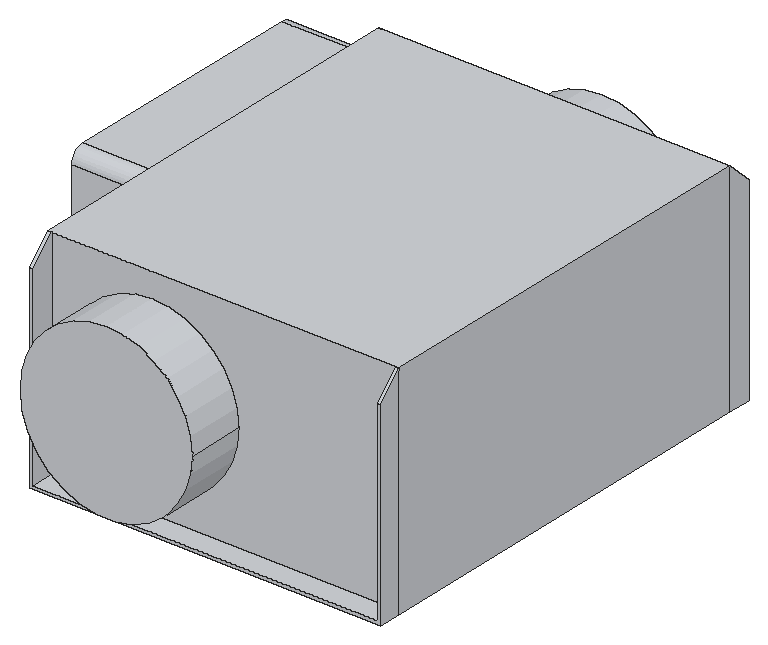
Revit family "CADS_Vent-Axia_MechEquip_Fan_SENT_DBoxSingle - SUPPLY", category Mechanical Equipment, host Face, Revit 2020
Family settings
  Host = Face
  Round Connector Dimension = Use Diameter
  Classification = None
  Part Type = Normal
  OmniClass Number = 23.75.35.17.11
  OmniClass Title = Fans for Air Ductwork
  Cut with Voids When Loaded = No
  Shared = No
  Room Calculation Point = No
Parameters (values of type "SENT150S/CP")
  WorkingPressure = 0.0 Pa
  WarrantyStartDate [instance] = "1900-12-31T23:59:59"
  WarrantyPeriod = ""
  WarrantyIdentifier = "N/A"
  WarrantyGuarantorParts = "tech@vent-axia.com"
  WarrantyGuarantorLabor = "tech@vent-axia.com"
  WarrantyGuarantor = "Vent-Axia Limited"
  WarrantyEndDate [instance] = "1900-12-31T23:59:59"
  WarrantyContent = ""
  W = 0 mm
  Type Image = <None>
  TemperatureRange = ""
  TagNumber [instance] = "N/A"
  SustainabilityPerformance = ""
  Status = "New"
  SpigotCLHeight = 62 mm
  Size = ""
  Shape = ""
  ServiceLifeType = ""
  ServiceLifeDuration = ""
  SerialNumber [instance] = "N/A"
  ReplacementCost = ""
  RatedVoltage = 0 V
  RatedCurrent = 0 A
  Quantity = 1
  ProductionYear = ""
  PressureCurve = ""
  PowerFactor = ""
  PointOfContact = ""
  OutOffset = 62 mm
  NumberOfPoles = 0
  NominalWidth = 306 mm
  NominalLength = 380 mm
  NominalHeight = 192 mm
  NominalFrequencyRange = ""
  NominalDiameter = 150 mm
  ModelReference = "SENTINEL 150 CONST.PRESS"
  ModelNumber = "SENT150S/CP"
  Material = ""
  ManufacturerE-Mail = "tech@vent-axia.com"
  ManufacturerAddress = "Fleming Way\nCrawley \nRH10 9YX"
  L = NominalLength - 20 mm  # 360 mm
  IsExtendedWarranty = no
  InsulationStandardClass = ""
  InstallationDate [instance] = "1900-12-31T23:59:59"
  IfcExportType [instance] = ""
  IfcExportAs [instance] = "IfcFanType"
  IP_Code = ""
  HasProtectiveEarth = no
  H = 0 mm
  GrossWeight = 0.00 kg
  Grade = ""
  GlobalTradeItemNumber [instance] = "N/A"
  Fitting Type = "Ignore"
  Finish = ""
  Features = ""
  ExteriorInsulation = no
  ExpectedServiceLife = 0
  Exclusions = ""
  EBVoffset = 80.486 mm
  EBHoffset = 205.5 mm
  DurationUnit = "Year"
  Default Elevation = 1219.2 mm
  Constituents = ""
  ConductorFunction = ""
  Color = ""
  CodePerformance = ""
  Category = ""
  CADS_Usage = 0
  CADS_Index = 0
  AssetType = "FIXED"
  AssetIdentifier [instance] = "N/A"
  AssemblyPlace = "UNKNOWN"
  ArticleNumber [instance] = "N/A"
  AirflowRateRange = 0.0 L/s
  Air Flow [instance] = 0.0 L/s
  AccessibilityPerformance = ""
Types (11, lengths in mm): name | Type Image | SpigotCLHeight | OutOffset | NominalWidth | NominalLength | NominalHeight | NominalDiameter | ModelReference | ModelNumber | L | EBVoffset | EBHoffset
  SENT100S | <None> | 62 | 62 | 306 | 380 | 192 | 100 | "SENTINEL 100S/H" | "SENT100S" | 360 | 70 | 75
  SENT125S | <None> | 62 | 62 | 306 | 380 | 192 | 125 | "SENTINEL 125 HIERARCHY" | "SENT125S" | 360 | 80.486 | 205.5
  SENT150S | <None> | 62 | 62 | 306 | 380 | 192 | 150 | "SENTINEL 150 HIERARCHY" | "SENT150S" | 360 | 80.486 | 205.5
  SENT150S/CP | <None> | 62 | 62 | 306 | 380 | 192 | 150 | "SENTINEL 150 CONST.PRESS" | "SENT150S/CP" | 360 | 80.486 | 205.5
  SENT200S | <None> | 60 | 60 | 360 | 435 | 287 | 200 | "SENTINEL 200 HIERARCHY" | "SENT200S" | 415 | 80.486 | 205.5
  SENT250S | <None> | 35 | 35 | 360 | 435 | 287 | 250 | "SENTINEL 250 HIERARCHY" | "SENT250S" | 415 | 80.486 | 205.5
  SENT315S | <None> | 43 | 43 | 568 | 710 | 458 | 315 | "SENTINEL 315 HIERARCHY" | "SENT315S" | 690 | 80.486 | 205.5
  SENT315S/CP | <None> | 43 | 43 | 568 | 710 | 458 | 315 | "SENTINEL 315 CONST.PRESS" | "SENT315S/CP" | 690 | 80.486 | 205.5
  SENT400S | <None> | 43 | 43 | 568 | 710 | 458 | 400 | "SENTINEL 400 HIERARCHY" | "SENT400S" | 690 | 80.486 | 205.5
  SENT400S/CP | <None> | 43 | 43 | 568 | 710 | 458 | 400 | "SENTINEL 400 CONST.PRESS" | "SENT400S/CP" | 690 | 80.486 | 205.5
  SENT500S | CADS_Vent-Axia_MechEquip_Fan_SENT_DBoxSingle.jpg | 59 | 59 | 765 | 898 | 577 | 500 | "SENTINEL 500 HIERARCHY" | "SENT500S" | 878 | 80.486 | 205.5
Reference planes
  plane 1 "Center (Front/Back)": y = 0
  plane 2: z = 0
  plane 3 "Center (Left/Right)": x = 0
  plane 4 "Left Face": x = -153
  plane 5 "out face": y = -180
  plane 6 "right face": x = 153
  plane 7 "in face": y = 180
  plane 8: x = -62
  plane 9: z = 96
  plane 10 "top face": z = 192
  plane 11: y = -200
  plane 12: y = 200
  plane 13: x = 173
  plane 14: z = 158
Forms (mm)
  Extrusion 1, solid
    sketch origin (0, 0, 0) x (1, 0, 0) y (0, 1, 0)
      loop
        line (-153, 180) -> (-153, -180) -> (153, -180) -> (153, 180) -> (-153, 180)
    from 0 to 192 <- "NominalHeight"
  Extrusion 2, solid
    sketch origin (0, -180, 0) x (1, 0, 0) y (0, 0, 1)
      loop
        circle (-62, 96) r 75
    from 0 to 50
  Extrusion 3, solid
    sketch origin (0, 180, 0) x (1, 0, 0) y (0, 0, -1)
      loop
        circle (0, -96) r 75
    from 0 to 51.496
  Sweep 4, solid
    path origin (0, -180, 0) x (1, 0, 0) y (0, 0, 1)
      loop
        line (-153, 192) -> (-153, 0) -> (153, 0) -> (153, 192)
    profile origin (-153, -180, 96) x (0, -1, 0) y (1, 0, 0)
      loop
        line (0, 0) -> (20, 0) -> (20, 3) -> (0, 3) -> (0, 0)
  Sweep 5, solid
    path origin (0, 180, 0) x (1, 0, 0) y (0, 0, 1)
      loop
        line (153, 192) -> (153, 0) -> (-153, 0) -> (-153, 192)
    profile origin (153, 180, 96) x (0, 1, 0) y (-1, 0, 0)
      loop
        line (20, 3) -> (0, 3) -> (0, 0) -> (20, 0) -> (20, 3)
  Sweep 6, void
    path origin (0, 0, 192) x (1, 0, 0) y (0, 1, 0)
      loop
        line (-153, -200) -> (173, -200) -> (173, 200) -> (-153, 200)
    profile origin (10, -200, 192) x (0, 1, 0) y (0, 0, 1)
      loop
        line (20, 0) -> (0, 0) -> (0, -20) -> (20, 0)
Cuts and joins
  Sweep 6 cuts Sweep 4
  Sweep 6 cuts Sweep 5
  joined: Sweep 4, Sweep 5
  Sweep 6 cuts Extrusion 1
Lines and regions (mm)
  model lines
    curve 1: line (0, 0, 192) -> (0, 100, 192)
    curve 2: line (0, 0, 192) -> (-9.059, 33.807, 192)
    curve 3: line (0, 0, 192) -> (9.059, 33.807, 192)
  model lines, not visible
    curve 4: line (0, 0, 192) -> (0, 100, 192)
    curve 5: line (0, 0, 192) -> (-9.059, 33.807, 192)
    curve 6: line (0, 0, 192) -> (9.059, 33.807, 192)
Dimensions and locks
  "NominalWidth": plane 4 "Left Face" to plane 6 "right face"
  equal spacing: plane 4 "Left Face", plane 3 "Center (Left/Right)", plane 6 "right face"
  "L": plane 5 "out face" to plane 7 "in face"
  equal spacing: plane 5 "out face", plane 1 "Center (Front/Back)", plane 7 "in face"
  "OutOffset": plane 8 to plane 3 "Center (Left/Right)"
  plane 8 to Extrusion 2 sketch curve = 0 mm
  Extrusion 2 sketch curve to plane 9 = 0 mm
  "EBHoffset": nested 1 to plane 1 "Center (Front/Back)"
  "EBVoffset": nested 1 to level
  "NominalHeight": level to plane 10 "top face"
  plane 5 "out face" to plane 11 = 20 mm
  plane 7 "in face" to plane 12 = 20 mm
  plane 6 "right face" to plane 13 = 20 mm
  equal spacing: plane 10 "top face", plane 9, plane 2
  "SpigotCLHeight": plane 9 to plane 14
  locked: plane 9 to Extrusion 3 sketch curve
  "NominalDiameter": diameter of Extrusion 2 sketch curve
  "NominalDiameter": diameter of Extrusion 3 sketch curve
  aligned and locked: plane 2 to host face
  aligned and locked: level to host face
  aligned and locked: Sweep 4 sketch curve to plane 6 "right face"
  aligned and locked: Sweep 4 sketch curve to plane 4 "Left Face"
  aligned and locked: Sweep 6 sketch curve to plane 12
  aligned and locked: plane 13 to Sweep 6 sketch curve
  aligned and locked: profile plane to Sweep 4 sketch curve
  aligned and locked: plane 11 to Sweep 4 sketch curve
  aligned and locked: plane 7 "in face" to nested 3
  aligned and locked: nested 3 to plane 9
  aligned and locked: plane 3 "Center (Left/Right)" to curve 1
  aligned and locked: plane 1 "Center (Front/Back)" to curve 3
Automatic sketch dimensions
  host sketch curve to host sketch curve = 2438.4 mm  (x2)
  Extrusion 1 sketch curve to plane 4 "Left Face" = 0 mm
  Extrusion 1 sketch curve to plane 5 "out face" = 0 mm
  Extrusion 1 sketch curve to plane 6 "right face" = 0 mm
  plane 7 "in face" to Extrusion 1 sketch curve = 0 mm
  profile plane to Sweep 4 sketch curve = 0 mm
  Sweep 4 sketch curve to profile plane = 3 mm
  Sweep 5 sketch curve to profile plane = 3 mm
  plane 7 "in face" to Sweep 5 sketch curve = 20 mm
  profile plane to Sweep 5 sketch curve = 0 mm
  Sweep 5 sketch curve to Sweep 5 sketch curve = 20 mm
  Sweep 6 sketch curve to plane 4 "Left Face" = 0 mm  (x2)
  Sweep 6 sketch curve to plane 11 = 0 mm
  Sweep 6 sketch curve to plane 10 "top face" = 0 mm
  Sweep 6 sketch curve to profile plane = 0 mm
  Sweep 6 sketch curve to Sweep 6 sketch curve = 20 mm  (x2)
  Sweep 4 sketch curve to level = 0 mm
  Sweep 4 sketch curve to plane 10 "top face" = 0 mm  (x2)
  Sweep 5 sketch curve to level = 0 mm
  Sweep 5 sketch curve to plane 4 "Left Face" = 0 mm
  plane 6 "right face" to Sweep 5 sketch curve = 0 mm
  Sweep 5 sketch curve to plane 10 "top face" = 0 mm  (x2)
  Extrusion 3 sketch curve to plane 3 "Center (Left/Right)" = 0 mm
Nested families
  nested 1: "Electrical Connection Box" at (-153, 205.5, 80.486) x (0, -1, 0) z (-1, 0, 0), type "Electrical Connection Box"
  nested 2: "Electrical Connection Box" at (-153, -120, 123) x (0, -1, 0) z (-1, 0, 0), type "Electrical Connection Box"
  nested 3: "Electrical Connection Box" at (-153, 60, 96) x (0, -1, 0) z (-1, 0, 0), type "SENT"
    with w 240 mm, h 75 mm, d 160 mm
Connectors
  hvac at (-62, -230, 96), driven by "NominalDiameter", driven by "Air Flow"
    settings: on Extrusion 2, index 1, duct flow 0.0 L/s, flow factor 0, pres drop 0.0 Pa, loss coef 0, conn angle 0.00°, conn width 304.8 mm, conn height 304.8 mm, conn diameter 150 mm, duct sys type 1, conn prof type 0, flow config 0, flow direction 2, loss method 0, conn ref index -1, conn util no, is conn primary yes, conn desc ""
  hvac at (0, 231.496, 96), driven by "NominalDiameter", driven by "Air Flow"
    settings: on Extrusion 3, index 2, duct flow 0.0 L/s, flow factor 0, pres drop 0.0 Pa, loss coef 0, conn angle 0.00°, conn width 304.8 mm, conn height 304.8 mm, conn diameter 150 mm, duct sys type 1, conn prof type 0, flow config 1, flow direction 1, loss method 0, conn ref index -1, conn util no, is conn primary no, conn desc ""
Definition of nested family "Electrical Connection Box"
  Parameters (values of type "165x135")
    w = 165 mm
    vis grommets = no
    h = 50 mm
    d = 135 mm
    Default Elevation = 1219.2 mm
  Types (4, lengths in mm): name | w | vis grommets | h | d
    125x84 | 125 | yes | 0 | 84
    165x135 | 165 | no | 50 | 135
    Electrical Connection Box 2 | 165 | no | 0 | 135
    Electrical Connection Box | 125 | no | 0 | 84
  Reference planes
    plane 1 "Center (Front/Back)": y = 0
    plane 2: z = 0
    plane 3 "Center (Left/Right)": x = 0
    plane 4: y = 67.5
    plane 5: x = 82.5
    plane 6: x = -82.5
    plane 7: y = -67.5
  Forms (mm)
    Extrusion 1, solid
      sketch origin (0, 0, 0) x (1, 0, 0) y (0, 1, 0)
        loop
          line (-1219.2, 1219.2) -> (-1219.2, -1219.2) -> (1219.2, -1219.2) -> (1219.2, 1219.2) -> (-1219.2, 1219.2)
      from 0 to -304.8
    Extrusion 2, solid
      sketch origin (-62.5, -42, 0) x (1, 0, 0) y (0, 1, 0)
        loop
          arc (-8, 109.5) -> (-16.485, 105.985) -> (-20, 97.5) r 12
          line (-20, 97.5) -> (-20, -13.5)
          arc (-20, -13.5) -> (-16.485, -21.985) -> (-8, -25.5) r 12
          line (-8, -25.5) -> (133, -25.5)
          arc (133, -25.5) -> (141.485, -21.985) -> (145, -13.5) r 12
          line (145, -13.5) -> (145, 97.5)
          arc (145, 97.5) -> (141.485, 105.985) -> (133, 109.5) r 12
          line (133, 109.5) -> (-8, 109.5)
      from 0 to 50 <- "h"
    Extrusion 3, solid, visible <- "vis grommets"
      sketch origin (82.5, 68.728, -0.59) x (0, -1, 0) y (0, 0, -1)
        loop
          circle (26.228, -28.09) r 11
      from 0 to 3
    Extrusion 4, solid, visible <- "vis grommets"
      sketch origin (224.495, -67.5, 22.909) x (-1, 0, 0) y (0, 0, -1)
        loop
          circle (176.995, -4.591) r 11
      from 0 to 3
    Extrusion 5, solid, visible <- "vis grommets"
      sketch origin (164.495, -67.5, 22.909) x (-1, 0, 0) y (0, 0, -1)
        loop
          circle (216.995, -4.591) r 11
      from 0 to 3
  Dimensions and locks
    "w": plane 6 to plane 5
    equal spacing: plane 6, plane 3 "Center (Left/Right)", plane 5
    "d": plane 4 to plane 7
    equal spacing: plane 4, plane 1 "Center (Front/Back)", plane 7
    aligned and locked: plane 2 to Extrusion 1
    aligned and locked: level to Extrusion 1
  Automatic sketch dimensions
    Extrusion 1 sketch curve to Extrusion 1 sketch curve = 2438.4 mm  (x2)
    Extrusion 2 sketch curve to plane 6 = 0 mm
    plane 7 to Extrusion 2 sketch curve = 0 mm
    Extrusion 2 sketch curve to plane 4 = 0 mm
    Extrusion 2 sketch curve to plane 5 = 0 mm
    Extrusion 2 sketch curve to plane 6 = 12 mm
    Extrusion 2 sketch curve to plane 4 = 12 mm  (x2)
    Extrusion 2 sketch curve to plane 5 = 12 mm
    Extrusion 3 sketch curve to Extrusion 2 = 13 mm
    Extrusion 2 to Extrusion 3 sketch curve = 22.5 mm
    Extrusion 4 sketch curve to Extrusion 2 = 23 mm
    Extrusion 2 to Extrusion 4 sketch curve = 22.5 mm
    Extrusion 2 to Extrusion 5 sketch curve = 18 mm
    Extrusion 2 to Extrusion 5 sketch curve = 22.5 mm
    radius of Extrusion 3 sketch curve = 11 mm
    radius of Extrusion 4 sketch curve = 11 mm
    radius of Extrusion 5 sketch curve = 11 mm
